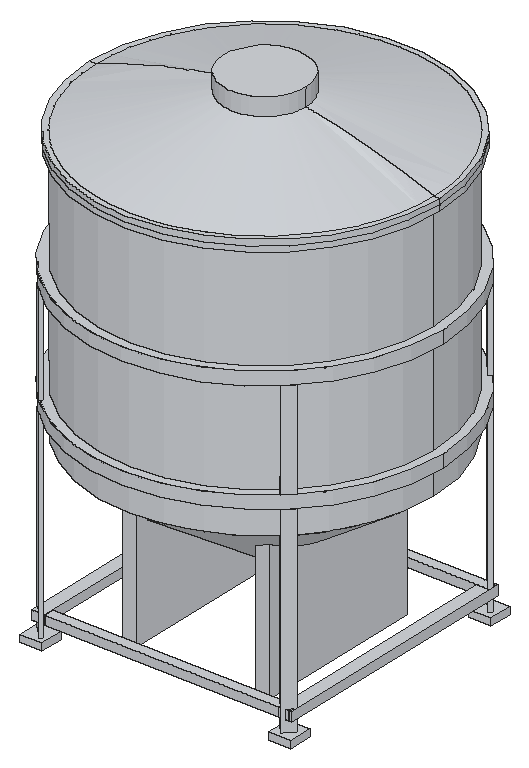
Revit family "Емкость 14", category Оборудование, Revit 2020
Family settings
  Размер круглого соединителя = Использовать диаметр
  Классификация = Нет
  Тип детали = Нормальный
  На основе рабочей плоскости = Нет
  Всегда вертикально = Нет
  При загрузке вырезать с полостями = Нет
  Общий = Нет
  Точка расчета площади = Нет
Parameters
  Правое исполнение [instance] = yes
  Отметка по умолчанию = 0 mm
  Материал фильтроэлемента = Сталь 08X18H10T (AISI 321) Красная
  Материал аппарата = Сталь 08X18H10T (AISI 321) Синяя
  Левое исполнение [instance] = yes
  Изготовитель = "ООО \"НПК \"Акватроник\""
  ADSK_Примечание [instance] = ""
  ADSK_Позиция [instance] = "14"
  ADSK_Наименование = "Резервуар приема осадка 5 м3"
  ADSK_Масса_Текст [instance] = "3400"
  ADSK_Завод-изготовитель [instance] = "ООО \"НПК \"Акватроник\""
  ADSK_Единица измерения = "шт."
Reference planes
  plane 1 "По центру (Вперед/Назад)": y = 0
  plane 2: z = 250
  plane 3 "По центру (Влево/Вправо)": x = -117.856
  plane 4: z = 1700
  plane 5 "1б": y = 0
Forms (mm)
  Revolve 1, solid
    sketch origin (-631, 0, -1450) x (1, 0, 0) y (0, 0, 1)
      loop
        line (513.134, 4563.688) -> (513.134, 2113.811) -> (592.865, 2113.811) -> (1503.008, 2739.986) -> (1503.008, 4248.074) -> (1536.284, 4248.074) -> (1536.284, 4279.988) -> (1536.284, 4314.458) -> (1503.008, 4314.458)
        arc (1503.008, 4314.458) -> (1013.84, 4461.986) -> (513.134, 4563.688) r 5524.237
      axis (513.134, 4563.688) -> (513.134, 2113.811)
    angle from 0 to 360
  Extrusion 2, solid
    sketch origin (0, 0, 2973) x (1, 0, 0) y (0, 1, 0)
      loop
        circle (-117.856, 0) r 241
    from 0 to 200
  Extrusion 3, solid
    sketch origin (0, 0, 2110) x (1, 0, 0) y (0, 1, 0)
      loop
        circle (-117.856, 0) r 1046
    from 0 to 75
  Extrusion 4, solid
    sketch origin (0, 0, 1460) x (1, 0, 0) y (0, 1, 0)
      loop
        circle (-117.856, 0) r 1046
    from 0 to 75
  Extrusion 5, solid
    sketch origin (331.934, 500, 0) x (1, 0, 0) y (0, 0, 1)
      loop
        line (-879.79, 250) -> (-799.79, 250) -> (-799.79, 1110) -> (-879.79, 1110) -> (-879.79, 250)
    from 0 to 1000
  Extrusion 6, solid
    sketch origin (-567.646, 500, 0) x (-1, 0, 0) y (0, 0, -1)
      loop
        line (-879.79, -250) -> (-879.79, -1110) -> (-799.79, -1110) -> (-799.79, -250) -> (-879.79, -250)
    from 0 to 1000
  Extrusion 7, solid
    sketch origin (-1632.731, -1408.72, 250) x (-0.707107, 0.707107, 0) y (-0.707107, -0.707107, 0)
      loop
        line (-117.866, -1023.15) -> (-117.866, -1043.15) -> (-42.866, -1043.15) -> (-42.866, -1023.15) -> (-117.866, -1023.15)
    from 0 to 1860
  Extrusion 8, solid
    sketch origin (1397.018, -1408.72, 250) x (0.707107, 0.707107, 0) y (-0.707107, 0.707107, 0)
      loop
        line (-117.866, 1023.15) -> (-42.866, 1023.15) -> (-42.866, 1043.15) -> (-117.866, 1043.15) -> (-117.866, 1023.15)
    from 0 to 1860
  Extrusion 9, solid
    sketch origin (-1632.731, 1408.72, 250) x (-0.707107, -0.707107, 0) y (0.707107, -0.707107, 0)
      loop
        line (-117.866, 1023.15) -> (-42.866, 1023.15) -> (-42.866, 1043.15) -> (-117.866, 1043.15) -> (-117.866, 1023.15)
    from 0 to 1860
  Extrusion 10, solid
    sketch origin (1397.018, 1408.72, 250) x (0.707107, -0.707107, 0) y (0.707107, 0.707107, 0)
      loop
        line (-117.866, -1023.15) -> (-117.866, -1043.15) -> (-42.866, -1043.15) -> (-42.866, -1023.15) -> (-117.866, -1023.15)
    from 0 to 1860
  Extrusion 11, solid
    sketch origin (0, 231, 0) x (1, 0, 0) y (0, 0, 1)
      loop
        line (-878.944, 412.038) -> (-878.944, 357.038) -> (-803.152, 357.038) -> (-803.152, 412.038) -> (-878.944, 412.038)
    from -523.445 to 985.445
  Extrusion 12, solid
    sketch origin (-235.713, 231, 0) x (-1, 0, 0) y (0, 0, -1)
      loop
        line (-878.944, -412.038) -> (-803.152, -412.038) -> (-803.152, -357.038) -> (-878.944, -357.038) -> (-878.944, -412.038)
    from -523.445 to 985.445
  Extrusion 13, solid
    sketch origin (-117.856, 0, 0) x (0, 1, 0) y (0, 0, 1)
      loop
        line (-754.445, 412.038) -> (-754.445, 357.038) -> (-701.412, 357.038) -> (-701.412, 412.038) -> (-754.445, 412.038)
    from -746.945 to 746.945
  Extrusion 14, solid
    sketch origin (-117.856, 0, 0) x (0, -1, 0) y (0, 0, -1)
      loop
        line (-754.445, -412.038) -> (-701.412, -412.038) -> (-701.412, -357.038) -> (-754.445, -357.038) -> (-754.445, -412.038)
    from -746.945 to 746.945
  Extrusion 15, solid
    sketch origin (0, -600, 0) x (1, 0, 0) y (0, 0, 1)
      loop
        line (-909.954, 290) -> (-909.954, 250) -> (-781.4, 250) -> (-781.4, 290) -> (-909.954, 290)
    from 63.505 to 200
  Extrusion 16, solid
    sketch origin (0, 600, 0) x (1, 0, 0) y (0, 0, -1)
      loop
        line (-909.954, -290) -> (-781.4, -290) -> (-781.4, -250) -> (-909.954, -250) -> (-909.954, -290)
    from 63.505 to 200
  Extrusion 17, solid
    sketch origin (-235.713, -600, 0) x (-1, 0, 0) y (0, 0, -1)
      loop
        line (-909.954, -290) -> (-781.4, -290) -> (-781.4, -250) -> (-909.954, -250) -> (-909.954, -290)
    from 63.505 to 200
  Extrusion 18, solid
    sketch origin (-235.713, 600, 0) x (-1, 0, 0) y (0, 0, 1)
      loop
        line (-909.954, 290) -> (-909.954, 250) -> (-781.4, 250) -> (-781.4, 290) -> (-909.954, 290)
    from 63.505 to 200
Cuts and joins
  joined: Revolve 1, Extrusion 2, Extrusion 5, Extrusion 6
  joined: Extrusion 4, Extrusion 7, Extrusion 8
Dimensions and locks
  plane 4 to plane 2 = 1450 mm
  plane 4 to level = 1450 mm
  aligned and locked: level to plane 2
